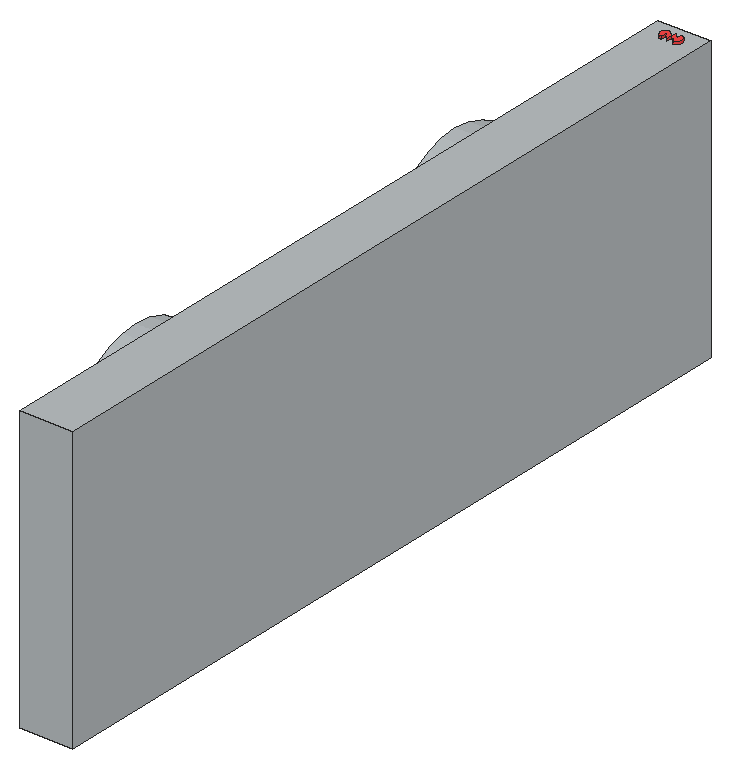
Revit family "NLRS_57_AIR_UN_plenum_linear-ceiling-grill-soooxx-2xD_return_LT_sacs", category Air Terminals, Revit 2021
Family settings
  Round Connector Dimension = Use Diameter
  Part Type = Normal
  Work Plane-Based = No
  Always vertical = Yes
  Cut with Voids When Loaded = No
  Shared = No
  Room Calculation Point = Yes
Parameters (values of type "SOOOxx-special")
  URL = "https://solid-air.nl/producten/solid-air-lijnrooster-stad-stbd-srod/"
  Type Comments = "Special plenums for Line grill SR"  # constant formula
  Slots (1-4) [instance] = 1
  SACS_Warning_Text_Size [instance] = if(NLRS_M_c01_diameter - 2 mm > SACS_Diameter, "Requested diameter to big, or plenum length to small", " ")  # " "
  SACS_Type_Mark [instance] = ""
  SACS_Show_Symbol [instance] = yes
  SACS_Show_Arrows [instance] = yes
  SACS_Plenum_Offset [instance] = if(SACS_Index3 = 2 mm, 10 mm, 17.6 mm)  # 17.6 mm
  SACS_Plenum_L [instance] = NLRS_C_lengte - 12 mm  # 738 mm
  SACS_Plenum_H [instance] = 95 mm + NLRS_M_c01_diameter + 25 mm  # 280 mm
  SACS_Plenum_B [instance] = if(SACS_Index3 = 2 mm, 63 mm, 48.8 mm) + (SACS_Index1 - 1 mm) * 43.3  # 48.8 mm
  SACS_Option_4 [instance] = if([Slots (1-4)] < 2, "Single slot", if([Slots (1-4)] = 2, "2 slots", if([Slots (1-4)] = 3, "3 slots", "4 slots")))  # "Single slot"
  SACS_Option_3_Value [instance] = if([Brackets (0-2)] = 1, 2, if([Brackets (0-2)] > 1, 3, 5))  # 5
  SACS_Option_3 [instance] = if([Brackets (0-2)] = 1, "B = Plenum bracket B", if([Brackets (0-2)] > 1, "C = Plenum bracket C", "O = None"))  # "O = None"
  SACS_Option_2 [instance] = if([Plenum_Type (1-2)] < 2, "R = Lined", "U = Plain")  # "R = Lined"
  SACS_Option_1 [instance] = "SOOO"  # constant formula
  SACS_Offset2 [instance] = (SACS_Plenum_L / 4) * SACS_Dummy  # 184.5 mm
  SACS_Offset1 [instance] = 99.5 mm + (SACS_Diameter / 2)  # 178.5 mm
  SACS_Model [instance] = if(or(SACS_Is_Standard_Width, SACS_Existing_Product), size_lookup(SACS_Data_Hidden, "Model", "NB", SACS_Length_STD, SACS_Index1, SACS_Index2, SACS_Index3, NLRS_M_c01_diameter), "SOOO uncoded")  # "SOOORO L=xxxx-1 D=2x160 P=280"
  SACS_Manual_Airflow [instance] = 0.0 L/s
  SACS_Length_Y [instance] = NLRS_C_lengte * SACS_Dummy  # 750 mm
  SACS_Length_STD [instance] = if(SACS_Is_Standard_Width, NLRS_C_lengte, 0 mm)  # 0 mm
  SACS_Is_Standard_Width [instance] = size_lookup(SACS_Data_Hidden, "L_Plenum", -1 mm, NLRS_C_lengte, SACS_Index1, SACS_Index2, SACS_Index3, NLRS_M_c01_diameter) > -1 mm  # no
  SACS_Index3 [instance] = if([Brackets (0-2)] < 1, 4, if([Brackets (0-2)] = 1, 1, 2)) * 1 mm  # 4 mm
  SACS_Index2 [instance] = if([Plenum_Type (1-2)] < 2, 1 mm, 2 mm)  # 1 mm
  SACS_Index1 [instance] = if([Slots (1-4)] < 2, 1 mm, if([Slots (1-4)] = 2, 2 mm, if([Slots (1-4)] = 3, 3 mm, 4 mm)))  # 1 mm
  SACS_Existing_Product [instance] = size_lookup(SACS_Data_Hidden, "L_Plenum", -1 mm, 0 mm, SACS_Index1, SACS_Index2, SACS_Index3, NLRS_M_c01_diameter) > -1 mm  # yes
  SACS_Dummy = 1  # constant formula
  SACS_Diameter2 [instance] = SACS_Diameter + 2 mm  # 160 mm
  SACS_Diameter [instance] = if(NLRS_M_c01_diameter > SACS_Plenum_L / 2, SACS_Plenum_L / 2, NLRS_M_c01_diameter) - 2 mm  # 158 mm
  SACS_Data_Hidden = "SOOOxx_2xD"  # constant formula
  SACS_Article_Code [instance] = if(or(SACS_Is_Standard_Width, SACS_Existing_Product), size_lookup(SACS_Data_Hidden, "ArticleCode", "NB", SACS_Length_STD, SACS_Index1, SACS_Index2, SACS_Index3, NLRS_M_c01_diameter), "NB")  # "NB"
  SACS_Array_End [instance] = SACS_Array_Base * SACS_Array_Count * 2  # 500 mm
  SACS_Array_Count [instance] = if(NLRS_C_lengte > 1200 mm, 3, 2)  # 2
  SACS_Array_Base [instance] = NLRS_C_lengte / (SACS_Array_Count + 1) / 2  # 125 mm
  SA-Select [instance] = "https://selectietool.solid-air.nl/Dashboard/CPMDashPage/Show/7"
  Plenum_Type (1-2) [instance] = 1
  Plenum_Material = NLRS_57_sendzimir verzinkt_gen_sacs
  NLRS_M_c02_diameter [instance] = NLRS_M_c01_diameter * SACS_Dummy  # 160 mm
  NLRS_M_c02_debiet [instance] = (SACS_Manual_Airflow / 2) * SACS_Dummy  # 0.0 L/s
  NLRS_M_c01_drukverlies_statisch [instance] = 0.0 Pa
  NLRS_M_c01_diameter [instance] = 160 mm
  NLRS_M_c01_debiet [instance] = (SACS_Manual_Airflow / 2) * SACS_Dummy  # 0.0 L/s
  NLRS_C_model [instance] = SACS_Model  # "SOOORO L=xxxx-1 D=2x160 P=280"
  NLRS_C_lengte [instance] = 750 mm
  NLRS_C_hoogte [instance] = SACS_Plenum_H * SACS_Dummy  # 280 mm
  NLRS_C_gtin_code [instance] = if(or(SACS_Is_Standard_Width, SACS_Existing_Product), size_lookup(SACS_Data_Hidden, "GTIN", "NB", SACS_Length_STD, SACS_Index1, SACS_Index2, SACS_Index3, NLRS_M_c01_diameter), "NB")  # "NB"
  NLRS_C_description = Description  # "Solid Air plenum for line Diffuser"
  NLRS_C_content_versie = "2.21.01"  # constant formula
  NLRS_C_content_provider = "Solid Air Climate Solutions"  # constant formula
  NLRS_C_content_datum_gewijzigd = "29-02-2024"  # constant formula
  NLRS_C_content_creator = "J.Feeke"  # constant formula
  NLRS_C_breedte [instance] = if(SACS_Index3 = 2 mm, 65 mm, 52 mm) + (SACS_Index1 - 1 mm) * 43.3  # 52 mm
  Model = "Special plenums for SR"  # constant formula
  Min Flow = 0.0 L/s
  Max Flow = 0.0 L/s
  Manufacturer = "Solid Air Climate Solutions"  # constant formula
  Description = "Solid Air plenum for line Diffuser"  # constant formula
  Default Elevation = 2700 mm
  Brackets (0-2) [instance] = 0
  Assembly Code = "57.00"
Reference planes
  plane 1 "Center (Front/Back)": y = 0
  plane 2: z = 0
  plane 3 "Center (Left/Right)": x = 0
  plane 4: y = 375
  plane 5: y = -375
  plane 6: y = 369
  plane 7: y = -369
  plane 8: x = -24.4
  plane 9: x = 24.4
  plane 10: x = -26
  plane 11: x = 26
  plane 12: x = -76
  plane 13: x = 76
  plane 14: z = 17.6
  plane 15: z = 178.5
  plane 16 "Top": z = 280
  plane 17: y = -250
  plane 18: y = 250
  plane 19: y = 184.5
  plane 20: y = -184.5
Forms (mm)
  Extrusion 1, solid, material "NLRS_57_sendzimir verzinkt_gen_sacs" <- "Plenum_Material", detail levels medium+fine
    sketch origin (0, 0, 0) x (1, 0, 0) y (0, 0, 1)
      loop
        line (-24.4, 280) -> (-24.4, 17.6) -> (24.4, 17.6) -> (24.4, 280) -> (-24.4, 280)
    from -369 to 369
  Extrusion 2, solid, material "NLRS_57_sendzimir verzinkt_gen_sacs" <- "Plenum_Material", detail levels medium+fine
    sketch origin (0, 0, 0) x (0, 1, 0) y (0, 0, 1)
      loop
        circle (-184.5, 178.5) r 79
      loop
        circle (184.5, 178.5) r 79
    from -64.4 to -24.4
Lines and regions (mm)
  model lines, visible <- "SACS_Show_Symbol", detail levels coarse
    curve 1: line (-26, 375, 0) -> (26, 375, 0)
    curve 2: line (-26, -375, 0) -> (-26, 375, 0)
    curve 3: line (26, -375, 0) -> (-26, -375, 0)
    curve 4: line (26, 375, 0) -> (26, -375, 0)
    curve 5: line (-26, 375, 0) -> (26, -375, 0)
Dimensions and locks
  equal spacing: plane 5, plane 1 "Center (Front/Back)", plane 4
  "SACS_Length_Y": plane 5 to plane 4
  equal spacing: plane 6, plane 1 "Center (Front/Back)", plane 7
  "SACS_Plenum_L": plane 6 to plane 7
  equal spacing: plane 10, plane 3 "Center (Left/Right)", plane 11
  "NLRS_C_breedte": plane 10 to plane 11
  "SACS_Plenum_B": plane 8 to plane 9
  equal spacing: plane 8, plane 3 "Center (Left/Right)", plane 9
  locked: plane 12 to plane 10 at 50
  locked: plane 11 to plane 13 at 50
  "SACS_Plenum_Offset": plane 14 to plane 2
  "SACS_Plenum_H": plane 16 "Top" to plane 2
  "SACS_Offset1": plane 15 to plane 2
  locked: Extrusion 2 to plane 8 at 40
  "SACS_Array_Base": plane 5 to plane 17
  "SACS_Array_End": plane 18 to plane 17
  group 1 to group 2 = 0 mm  (x2)
  group 1 to group 2 = 500 mm
  "SACS_Offset2": plane 6 to plane 19
  "SACS_Offset2": plane 20 to plane 7
  locked: plane 6 to nested 5 at 15
  group 3 to group 4 = 0 mm  (x2)
  group 3 to group 4 = 500 mm
  group 5 to group 6 = 0 mm  (x2)
  group 5 to group 6 = 500 mm
  "SACS_Diameter": diameter of Extrusion 2 sketch curve  (x2)
  aligned and locked: level to plane 2
  aligned and locked: plane 8 to Extrusion 1 sketch curve
  aligned and locked: Extrusion 1 sketch curve to plane 9
  aligned and locked: plane 14 to Extrusion 1 sketch curve
  aligned and locked: Extrusion 1 sketch curve to plane 16 "Top"
  aligned and locked: plane 6 to Extrusion 1
  aligned and locked: Extrusion 1 to plane 7
  aligned and locked: plane 15 to Extrusion 2 sketch curve  (x2)
  aligned and locked: plane 8 to Extrusion 2
  aligned and locked: curve 2 to plane 10
  aligned and locked: plane 4 to curve 1
  aligned and locked: curve 3 to plane 5
  aligned and locked: plane 11 to curve 4
  aligned and locked: plane 3 "Center (Left/Right)" to nested 3
  aligned and locked: nested 3 to plane 17
  aligned and locked: nested 4 to plane 18
  aligned and locked: plane 20 to Extrusion 2 sketch curve
  aligned and locked: plane 19 to Extrusion 2 sketch curve
  aligned and locked: plane 3 "Center (Left/Right)" to nested 5
  aligned and locked: plane 12 to nested 2
  aligned and locked: nested 1 to plane 13
  aligned and locked: nested 1 to plane 17
  aligned and locked: nested 2 to plane 17
  aligned and locked: nested 6 to plane 18
  aligned and locked: plane 12 to nested 6
  aligned and locked: nested 7 to plane 13
  aligned and locked: nested 7 to plane 18
Nested families
  nested 1: "Arrow" at (251, -250, 0) x (-1, 0, 0) z (0, 0, 1), visible <- "SACS_Show_Arrows", type "Arrow"
  nested 2: "Arrow" at (-251, -250, 0), visible <- "SACS_Show_Arrows", type "Arrow"
  nested 3: "bracket" at (0, -250, -4.5), type "bracket"
    with Type_A no, Diameter 160 mm, Bracket 5
  nested 4: "bracket" at (0, 250, -4.5), type "bracket"
    with Type_A no, Diameter 160 mm, Bracket 5
  nested 5: "logo_SACS" at (0, 354, 280), type "logo_SACS"
    with t 5 mm
  nested 6: "Arrow" at (-251, 250, 0), visible <- "SACS_Show_Arrows", type "Arrow"
  nested 7: "Arrow" at (251, 250, 0) x (-1, 0, 0) z (0, 0, 1), visible <- "SACS_Show_Arrows", type "Arrow"
Connectors
  hvac at (-24.4, -184.5, 178.5), driven by "NLRS_M_c01_diameter", driven by "NLRS_M_c01_debiet"
    settings: on Extrusion 2, index 1, duct flow 0.0 L/s, flow factor 0, pres drop 0.0 Pa, loss coef 0, conn angle 0.00°, conn width 304.8 mm, conn height 304.8 mm, conn diameter 160 mm, duct sys type 1, conn prof type 0, flow config 1, flow direction 1, loss method 4, conn ref index -1, conn util no, is conn primary no, conn desc ""
  hvac at (-24.4, 184.5, 178.5), driven by "NLRS_M_c02_debiet", driven by "NLRS_M_c02_diameter"
    settings: on Extrusion 2, index 2, duct flow 0.0 L/s, flow factor 0, pres drop 0.0 Pa, loss coef 0, conn angle 0.00°, conn width 304.8 mm, conn height 304.8 mm, conn diameter 160 mm, duct sys type 1, conn prof type 0, flow config 1, flow direction 1, loss method 4, conn ref index -1, conn util no, is conn primary no, conn desc ""
  hvac at (0, 0, 17.6), driven by "SACS_Plenum_L", driven by "SACS_Plenum_B", driven by "NLRS_M_c01_drukverlies_statisch", driven by "SACS_Manual_Airflow"
    settings: on Extrusion 1, index 3, duct flow 0.0 L/s, flow factor 0, pres drop 0.0 Pa, loss coef 0, conn angle 0.00°, conn width 48.8 mm, conn height 738 mm, conn diameter 609.6 mm, duct sys type 1, conn prof type 1, flow config 1, flow direction 2, loss method 4, conn ref index -1, conn util no, is conn primary yes, conn desc ""
Definition of nested family "logo_SACS"
  Parameters (values of type "logo_SACS")
    t = 2 mm
    Model = "LOD 400"
    Description = "Model type"
    Default Elevation = 1219.2 mm
  Reference planes
    plane 1 "Center (Front/Back)": y = 0
    plane 2: z = 0
    plane 3 "Center (Left/Right)": x = 0
    plane 4: z = 2
    plane 5: x = -4
    plane 6: y = -2
    plane 7: y = 2
    plane 8: x = -2
    plane 9: x = 2
    plane 10: x = 4
  Forms (mm)
    Extrusion 1, solid
      sketch origin (-547.644, -297.937, 0) x (1, 0, 0) y (0, 1, 0)
        loop
          arc (545.644, 299.937) -> (543.644, 297.937) -> (545.644, 295.937) r 2
          line (545.644, 295.937) -> (545.644, 297.937) -> (547.644, 295.937) -> (547.644, 297.937) -> (545.644, 299.937)
      from 0 to 2
    Extrusion 2, solid
      sketch origin (0, 0, 0) x (1, 0, 0) y (0, 1, 0)
        loop
          arc (2, -2) -> (4, 0) -> (2, 2) r 2
          line (2, 2) -> (2, 0) -> (0, 2) -> (0, 0) -> (2, -2)
      from 0 to 2
  Dimensions and locks
    "t": plane 7 to plane 1 "Center (Front/Back)"
    "t": plane 6 to plane 1 "Center (Front/Back)"
    "t": plane 5 to plane 8
    "t": plane 8 to plane 3 "Center (Left/Right)"
    "t": plane 3 "Center (Left/Right)" to plane 9
    "t": plane 9 to plane 10
    aligned and locked: level to plane 2
    aligned and locked: plane 4 to Extrusion 1
  Automatic sketch dimensions
    plane 1 "Center (Front/Back)" to Extrusion 1 sketch curve = 0 mm  (x3)
    Extrusion 1 sketch curve to plane 8 = 0 mm
    Extrusion 1 sketch curve to plane 7 = 0 mm
    Extrusion 1 sketch curve to plane 3 "Center (Left/Right)" = 0 mm
    Extrusion 1 sketch curve to plane 6 = 0 mm
    Extrusion 2 sketch curve to plane 3 "Center (Left/Right)" = 0 mm
    plane 1 "Center (Front/Back)" to Extrusion 2 sketch curve = 0 mm  (x3)
    Extrusion 2 sketch curve to plane 6 = 0 mm
    Extrusion 2 sketch curve to plane 9 = 0 mm
    Extrusion 2 sketch curve to plane 7 = 0 mm
Definition of nested family "Arrow"
  Parameters (values of type "Arrow")
    Offset = 400 mm
    Arrow_Length = 175 mm  # constant formula
  Reference planes
    plane 1 "Center (Front/Back)": y = 0
    plane 2: z = 0
    plane 3 "Center (Left/Right)": x = 0
    plane 4: x = 175
    plane 5: y = 0
    plane 6: x = 175
    plane 7: x = 0
    plane 8: y = 0
  Lines and regions (mm)
    Filled region 1, type "Solid Fill - Black", in view "Ref. Level"
      outline origin (0, 0, 0) x (0, -1, 0) y (1, 0, 0)
        loop
          line (0, 175) -> (-21.131, 129.685) -> (21.131, 129.685) -> (0, 175)
    detail lines, in view "Ref. Level"
      curve 1: line (0, 0, 0) -> (152.343, 0, 0)
  Dimensions and locks
    locked: plane 3 "Center (Left/Right)" to plane 7
    locked: plane 8 to plane 1 "Center (Front/Back)" at 0
    locked: Filled region 1 sketch curve to Filled region 1 sketch curve at 50  (x2)
    "Arrow_Length": plane 3 "Center (Left/Right)" to plane 6
    locked: Filled region 1 sketch curve to curve 1 (angle 25.00°)
    locked: curve 1 to Filled region 1 sketch curve (angle 25.00°)
  Automatic sketch dimensions
    plane 1 "Center (Front/Back)" to Filled region 1 sketch curve = 0 mm
    Filled region 1 sketch curve to plane 4 = 45.315 mm
    plane 1 "Center (Front/Back)" to curve 1 = 0 mm
    curve 1 to plane 3 "Center (Left/Right)" = 0 mm
    curve 1 to plane 4 = 22.657 mm
Definition of nested family "bracket"
  Parameters (values of type "bracket")
    slots = 1
    count = if(slots < 1, 0, (slots - 1)) * Dummy  # 0
    Type_D = Bracket = 4  # no
    Type_CD = or(Type_C, Type_D)  # no
    Type_C = Bracket = 3  # no
    Type_B = Bracket = 2  # no
    Type_A = Bracket = 1  # yes
    Material = none
    Dummy = 1  # constant formula
    Diameter = 125 mm
    Default Elevation = 0 mm
    Ceiling = 5 mm
    Bracket = 1
  Reference planes
    plane 1 "Center (Front/Back)": y = 0
    plane 2: z = 0
    plane 3 "Center (Left/Right)": x = 0
    plane 4: y = 7.5
    plane 5: y = -7.5
  Forms (mm)
    Sweep 1, solid, material <- "Material", visible <- "Type_A", detail levels medium+fine
      path in 3D
        loop
          line (0, 7.5, 32.8) -> (0, -7.5, 32.8)
      profile "Profile_A : Profile_A" origin (0, 0, 32.8) x (0, 0, -1) y (1, 0, 0)
        loop
          line (-17.25, 44.75) -> (-19.25, 44.75) -> (-19.25, 26.85) -> (16.42, 26.85) -> (18.67, 24.6) -> (12.3, 24.6) -> (12.3, 22.6) -> (28.25, 22.6) -> (28.25, 24.6) -> (21.5, 24.6) -> (17.25, 28.85) -> (-17.25, 28.85) -> (-17.25, 44.75)
        loop
          line (-17.25, -44.75) -> (-17.25, -28.85) -> (17.25, -28.85) -> (21.5, -24.6) -> (28.25, -24.6) -> (28.25, -22.6) -> (12.3, -22.6) -> (12.3, -24.6) -> (18.67, -24.6) -> (16.42, -26.85) -> (-19.25, -26.85) -> (-19.25, -44.75) -> (-17.25, -44.75)
    Sweep 2, solid, material <- "Material", visible <- "Type_B", detail levels medium+fine
      path in 3D
        loop
          line (0, 7.5, 32.8) -> (0, -7.5, 32.8)
      profile "Profile_B : Profile_B" origin (0, 0, 32.8) x (0, 0, -1) y (1, 0, 0)
        loop
          line (-216.75, 56.4) -> (-216.75, 24.4) -> (-184.75, 24.4) -> (-184.75, 26.4) -> (-214.75, 26.4) -> (-214.75, 56.4) -> (-216.75, 56.4)
        loop
          line (-216.75, -56.4) -> (-214.75, -56.4) -> (-214.75, -26.4) -> (-184.75, -26.4) -> (-184.75, -24.4) -> (-216.75, -24.4) -> (-216.75, -56.4)
    Sweep 3, solid, material <- "Material", visible <- "Type_CD", detail levels medium+fine
      path in 3D
        loop
          line (0, 7.5, 32.8) -> (0, -7.5, 32.8)
      profile "Profile_CD : Profile_CD" origin (0, 0, 32.8) x (0, 0, -1) y (1, 0, 0)
        loop
          line (-40.7, 25) -> (-40.7, -25) -> (18.3, -30.5) -> (18.3, -28.5) -> (-38.7, -23.55) -> (-38.7, 23.55) -> (18.3, 28.5) -> (18.3, 30.5) -> (-40.7, 25)
        loop
          arc (-25, -8.5) -> (-24.298, -10.428) -> (-22.521, -11.454) r 3
          line (-22.521, -11.454) -> (-2.826, -14.925)
          arc (-2.826, -14.925) -> (-2.234, -15.267) -> (-2, -15.91) r 1
          line (-2, -15.91) -> (-2, -20.5) -> (0, -20.5) -> (0, -15.91)
          arc (0, -15.91) -> (-0.702, -13.982) -> (-2.479, -12.956) r 3
          line (-2.479, -12.956) -> (-22.174, -9.485)
          arc (-22.174, -9.485) -> (-22.766, -9.143) -> (-23, -8.5) r 1
          line (-23, -8.5) -> (-23, 8.5)
          arc (-23, 8.5) -> (-22.766, 9.143) -> (-22.174, 9.485) r 1
          line (-22.174, 9.485) -> (-2.479, 12.956)
          arc (-2.479, 12.956) -> (-0.702, 13.982) -> (0, 15.91) r 3
          line (0, 15.91) -> (0, 20.5) -> (-2, 20.5) -> (-2, 15.91)
          arc (-2, 15.91) -> (-2.234, 15.267) -> (-2.826, 14.925) r 1
          line (-2.826, 14.925) -> (-22.521, 11.454)
          arc (-22.521, 11.454) -> (-24.298, 10.428) -> (-25, 8.5) r 3
          line (-25, 8.5) -> (-25, -8.5)
    Extrusion 4, solid, not visible
      sketch origin (-547.644, -297.937, 0) x (1, 0, 0) y (0, 1, 0)
        loop
          arc (545.644, 299.937) -> (543.644, 297.937) -> (545.644, 295.937) r 2
          line (545.644, 295.937) -> (545.644, 297.937) -> (547.644, 295.937) -> (547.644, 297.937) -> (545.644, 299.937)
      from 0 to 2
    Extrusion 5, solid, not visible
      sketch origin (0, 0, 0) x (1, 0, 0) y (0, 1, 0)
        loop
          arc (2, -2) -> (4, 0) -> (2, 2) r 2
          line (2, 2) -> (2, 0) -> (0, 2) -> (0, 0) -> (2, -2)
      from 0 to 2
  Lines and regions (mm)
    model lines, not visible
      curve 1: line (0, 7.5, 32.8) -> (0, -7.5, 32.8)
    sketch lines
      curve 2: line (0, 7.5, 32.8) -> (0, -7.5, 32.8)
      curve 3: line (0, 7.5, 32.8) -> (0, -7.5, 32.8)
      curve 4: line (0, 7.5, 32.8) -> (0, -7.5, 32.8)
  Dimensions and locks
    equal spacing: plane 5, plane 1 "Center (Front/Back)", plane 4
    locked: plane 4 to plane 5 at 15
    locked: plane 2 to curve 1 at 32.8
    aligned and locked: level to plane 2
    aligned and locked: plane 5 to curve 1
    aligned and locked: plane 4 to curve 1
  Automatic sketch dimensions
    plane 1 "Center (Front/Back)" to Extrusion 4 sketch curve = 0 mm  (x3)
    Extrusion 4 sketch curve to plane 3 "Center (Left/Right)" = 0 mm
    Extrusion 4 sketch curve to plane 3 "Center (Left/Right)" = 2 mm
    Extrusion 4 sketch curve to Extrusion 4 sketch curve = 2 mm  (x2)
    plane 1 "Center (Front/Back)" to Extrusion 5 sketch curve = 0 mm  (x3)
    Extrusion 5 sketch curve to plane 3 "Center (Left/Right)" = 0 mm
    Extrusion 5 sketch curve to Extrusion 5 sketch curve = 2 mm  (x2)
    Extrusion 5 sketch curve to Extrusion 5 sketch curve = 0 mm
